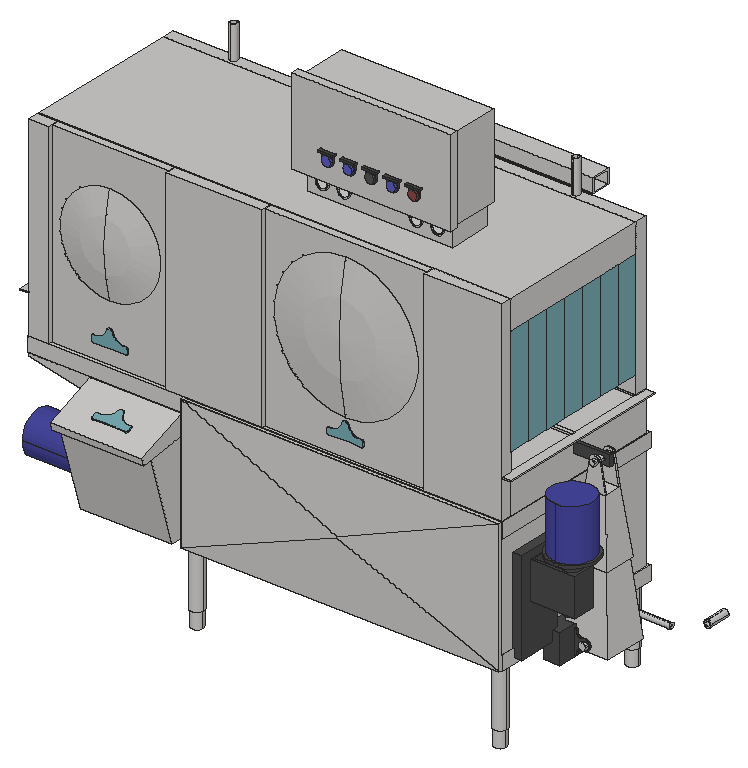
Revit family
Parameters (values of type "208/60/1")
  Width = 5' - 5 1/2"  # constant formula
  Weight in Pounds = 1050
  Watermarked By = "http://revitwatermark.com"
  Waste Water Discharge Temperature [instance] = -459.67 °F
  Volts = 208 V
  Ventilation Remarks [instance] = ""
  URL Cutsheet = ""
  URL = "www.stero.com"
  Total Height = 5' - 10 1/2"
  Table Height = 2' - 10"
  Swing Doors [instance] = no
  Steam Supply Volume [instance] = 0.00 GPM
  Steam Supply Size = 3/4"
  Steam Supply RI Height [instance] = 0' - 0"
  Steam Supply Minimum Pressure = 15.00 psi
  Steam Supply Maximum Pressure = 40.00 psi
  Steam Supply Connection Height = 0' - 10"
  Steam Pounds per Hour = 100
  Status [instance] = ""
  Standard Doors [instance] = not(Swing Doors)  # yes
  Specification by User [instance] = ""
  Specification by Manufacturer = ""
  Single Door Opening [instance] = if(Swing Doors, 1' 6", 1' 4 1/4")  # 1' - 4 1/4"
  Serial Number [instance] = ""
  Seismic Rating [instance] = ""
  SMACNA No [instance] = ""
  Right Ventilation Remarks [instance] = ""
  Right Vent [instance] = no
  Right Exhaust Volume [instance] = if(Right Vent, 400 CFM, 0 CFM)  # 0 CFM
  Right Exhaust Vent Width = 0' - 3 7/8"
  Right Exhaust Vent Text = "Vent, Unload End"  # constant formula
  Right Exhaust Vent Depth = 2' - 0 7/8"
  Right Exhaust Static Press = 0.00 in-wg
  Right Exhaust RI Height [instance] = 0' - 0"
  Right Exhaust Item Number [instance] = "-"
  Right Drain [instance] = not(Left Drain)  # yes
  Revision Code [instance] = ""
  Plumbing Remarks [instance] = ""
  Plumbing Connection Type [instance] = ""
  Phase = 1
  Number of Poles [instance] = 1
  NAFEM Spec ID Number [instance] = ""
  Model = "ER-66S"
  Mechanical Remarks [instance] = ""
  Mechanical Connection Type [instance] = ""
  Masterspec = ""
  Manufacturer = "Stero"
  Machine Height = 4' - 7 1/2"
  Left Vent [instance] = no
  Left Drain [instance] = no
  Item Number [instance] = "-"
  Installed By [instance] = ""
  Indirect Waste Size = 2"
  Indirect Waste Flow [instance] = 0.00 GPM
  Indirect Waste Connection Type [instance] = ""
  Indirect Waste Connection Height = 0' - 6"
  Hot Water Usage Rack = "0.5 Gal/Rack"  # constant formula
  Hot Water Usage = "118 GPH"  # constant formula
  Hot Water Temperature = 180 °F
  Hot Water Size = 3/4"
  Hot Water RI Height [instance] = 0' - 0"
  Hot Water Minimum Pressure = 20.00 psi
  Hot Water Maximum Pressure = 20.00 psi
  Hot Water Flow = 1.97 GPM
  Hot Water Consumption = 1.97 GPM
  Hot Water Connection Height = 5' - 0"
  HP = "3.58"  # constant formula
  Furnished By [instance] = ""
  Foodservice Equipment Identifier [instance] = yes
  FL Amps = 12.5 A
  Exhaust Volume [instance] = if(Left Vent, 200 CFM, 0 CFM)  # 0 CFM
  Exhaust Vent Width = 0' - 3 7/8"
  Exhaust Vent Text = "Vent, Load End"  # constant formula
  Exhaust Vent Depth = 2' - 0 7/8"
  Exhaust Static Press = 0.00 in-wg
  Exhaust RI Height [instance] = 0' - 0"
  Electrical Remarks [instance] = ""
  Electric Connection Type [instance] = ""
  Elec Conn RI Height [instance] = 0' - 0"
  Elec Conn Connection Height = 5' - 8 1/2"
  Double Door Opening [instance] = if(Swing Doors, 3' 0", 1' 10 1/2")  # 1' - 10 1/2"
  Description = "Dishwasher, Conveyor"
  Depth = 2' - 1"
  Cycle = 60 Hz
  Conn Conduit = yes
  Condensate Return Size = 1/2"
  Condensate Return RI Height [instance] = 0' - 0"
  Condensate Return Connection Height = 0' - 8"
  Cold Water Temperature Recommended [instance] = -459.67 °F
  Cold Water Size = 3/4"
  Cold Water RI Height [instance] = 0' - 0"
  Cold Water Minimum Pressure [instance] = 0.00 psi
  Cold Water Maximum Pressure [instance] = 0.00 psi
  Cold Water Flow [instance] = 0.00 GPM
  Cold Water Consumption [instance] = ""
  Cold Water Connection Height = 5' - 0"
  CSI MasterFormat = "11 48 13"
  Building Plumbing Remarks [instance] = ""
  Building Hot Water Temperature = 140 °F
  Building Hot Water Size = 3/4"
  Building Hot Water RI Height [instance] = 0' - 0"
  Building Hot Water Minimum Pressure = 20.00 psi
  Building Hot Water Maximum Pressure = 20.00 psi
  Building Hot Water Flow [instance] = 0.00 GPM
  Building Hot Water Consumption [instance] = 0.00 GPM
  Building Hot Water Connection Height = 5' - 0"
  Building HW Item Number [instance] = "-"
  Assembly Code = "E1090320"
  Apparent Power = if(Phase = 3, Volts * FL Amps * 1.73, Volts * FL Amps)  # 2600 VA
Reference planes (in)
  plane 1: z = 0
  plane 2 "Left of Bottom": x = 2.32772
  plane 3 "BACK": y = -48
  plane 4 "TOP": z = 70.5
  plane 5 "RIGHT": x = 46.32772
  plane 6 "FRONT": y = -73
  plane 7 "Right of Top": x = 46.07772
  plane 8 "Right of Ledge": x = 47.57772
  plane 9 "Right End Cowl": x = 56.07772
  plane 10: x = 49.14022
  plane 11 "Bottom of Machine": z = 10
  plane 12 "Table Height": z = 34
  plane 13 "Top of Machine": z = 55.5
  plane 14 "Panel Top": z = 28.5
  plane 15: z = 12
  plane 16: y = -73.5
  plane 17: y = -47.5
  plane 18: x = 2.07772
  plane 19 "Right of Bottom": x = 46.57772
  plane 20: y = -49.625
  plane 21: y = -71.375
  plane 22 "Door Center": x = 24.32772
  plane 23: x = 13.07772
  plane 24: x = 35.57772
  plane 25 "Top of Opening": z = 51.5
  plane 26: z = 2.25
  plane 27: x = 14.32772
  plane 28: x = 34.32772
  plane 29: x = 13.32772
  plane 30: x = 35.32772
  plane 31 "Front of Lower Panel": y = -66.5
  plane 32: y = -60.5
  plane 33: y = -67
  plane 34 "Back of Panel": y = -60
  plane 35 "Front of Upper Panel": y = -68
  plane 36: x = 13.82772
  plane 37: x = 34.82772
  plane 38: x = 55.95272
  plane 39: x = 53.01522
  plane 40: y = -48.0625
  plane 41: y = -72.9375
  plane 42 "Top of Vents": z = 59.5
  plane 43: x = 9.82772
  plane 44: x = 38.82772
  plane 45: y = -45
  plane 46: z = 57.5
  plane 47: y = -43
  plane 48: z = 84.5
  plane 49: x = -29.17228
  plane 50: x = -22.23478
  plane 51: x = -29.04728
  plane 52: x = -26.10978
  plane 53 "Left of Middle": x = -19.29728
  plane 54 "LEFT": x = -19.17228
  plane 55: x = -20.42228
  plane 56: x = -18.92228
  plane 57: x = -0.23478
  plane 58: x = -16.48478
  plane 59 "Left of Bin": x = -10.60978
  plane 60: x = -21.79728
  plane 61: z = 13.625
  plane 62: z = 8.5
  plane 63 "Drain": y = -50
  plane 64: y = -80
  plane 65: z = 8
  plane 66: x = 52.32772
  plane 67: x = 57.32772
  plane 68 "Condensate": y = -51
  plane 69: x = 13.32772
  plane 70: x = 35.32772
  plane 71: x = 25.76522
  plane 72: x = 24.39022
  plane 73: x = 24.26522
  plane 74: x = 22.89022
  plane 75: x = -16.23478
  plane 76: x = -0.35978
  plane 77 "Small Door Handle": x = -1.67228
Forms (in)
  Extrusion 1, solid, material "QF_Finishes_Stainless Steel"
    sketch origin (0, 0, 10) x (0, 1, 0) y (-1, 0, 0)
      loop
        line (-47.5, -2.07772) -> (-73, -2.07772) -> (-73, -46.57772) -> (-47.5, -46.57772) -> (-47.5, -2.07772)
    from 0 to 2
  Extrusion 2, solid, material "QF_Finishes_Stainless Steel"
    sketch origin (0, 0, 28.5) x (0, 1, 0) y (-1, 0, 0)
      loop
        line (-48, -2.32772) -> (-73, -2.32772) -> (-73, -46.32772) -> (-48, -46.32772) -> (-48, -2.32772)
    from 0 to -16.5
  Extrusion 3, solid, material "QF_Finishes_Stainless Steel"
    sketch origin (0, 0, 34) x (0, 1, 0) y (-1, 0, 0)
      loop
        line (-48, -46.32772) -> (-73, -46.32772) -> (-73, -47.57772) -> (-48, -47.57772) -> (-48, -46.32772)
    from 0 to -0.125
  Extrusion 4, solid, material "QF_Finishes_Stainless Steel"
    sketch origin (0, 0, 34) x (0, 1, 0) y (-1, 0, 0)
      loop
        line (-48, 19.17228) -> (-71.375, 19.17228) -> (-71.375, -46.32772) -> (-48, -46.32772) -> (-48, 19.17228)
    from -0.25 to -5.5
  Extrusion 5, solid, material "QF_Finishes_Stainless Steel"
    sketch origin (0, 0, 34) x (0, 1, 0) y (-1, 0, 0)
      loop
        line (-60.25, 19.17228) -> (-60.75, 19.17228) -> (-60.75, -46.32772) -> (-60.25, -46.32772) -> (-60.25, 19.17228)
      loop
        line (-48, 19.17228) -> (-49.625, 19.17228) -> (-49.625, -46.32772) -> (-48, -46.32772) -> (-48, 19.17228)
    from 0 to -0.25
  Extrusion 6, solid, material "QF_Finishes_Stainless Steel"
    sketch origin (0, 0, 55.5) x (0, 1, 0) y (-1, 0, 0)
      loop
        line (-49.625, 19.17228) -> (-71.375, 19.17228) -> (-71.375, -46.32772) -> (-49.625, -46.32772) -> (-49.625, 19.17228)
    from 0 to -4
  Extrusion 7, solid, material "QF_Finishes_Stainless Steel"
    sketch origin (0, 0, 55.5) x (0, 1, 0) y (-1, 0, 0)
      loop
        line (-48, 19.17228) -> (-49.625, 19.17228) -> (-49.625, -46.32772) -> (-48, -46.32772) -> (-48, 19.17228)
    from 0 to -21.5
  Extrusion 8, solid, material "QF_Finishes_Stainless Steel"
    sketch origin (0, -73, 0) x (-1, 0, 0) y (0, 0, 1)
      loop
        line (0.23478, 55.5) -> (-13.07772, 55.5) -> (-13.07772, 28.5) -> (0.23478, 28.5) -> (0.23478, 55.5)
    from 0 to 1.625
  Blend 9, solid, material "QF_Finishes_Stainless Steel"
    base sketch origin (-15.01335, -74, 48) x (-1, 0, 0) y (0, 0, 1)
      loop
        line (-17.34107, -19.5) -> (-61.34107, -19.5) -> (-61.34107, -38) -> (-17.34107, -38) -> (-17.34107, -19.5)
    top sketch origin (-15.01335, -74, 48) x (-1, 0, 0) y (0, 0, 1)
      loop
        line (-39.37232, -28.71875) -> (-39.37232, -28.78125) -> (-39.30982, -28.78125) -> (-39.30982, -28.71875) -> (-39.37232, -28.71875)
    from 0.5 to 0
  Extrusion 10, solid, material "QF_Finishes_Stainless Steel"
    sketch origin (0, 0, 10) x (0, 1, 0) y (-1, 0, 0)
      loop
        line (-73, -2.32772) -> (-73.5, -2.32772) -> (-73.5, -46.32772) -> (-73, -46.32772) -> (-73, -2.32772)
    from 0 to 18.5
  Extrusion 11, solid, material "QF_Finishes_Stainless Steel"
    sketch origin (0, -73, 0) x (-1, 0, 0) y (0, 0, 1)
      loop
        line (-35.57772, 55.5) -> (-46.32772, 55.5) -> (-46.32772, 28.5) -> (-35.57772, 28.5) -> (-35.57772, 55.5)
    from 0 to 1.625
  Extrusion 12, solid, material "QF_Finishes_Stainless Steel", visible <- "Standard Doors"
    sketch origin (0, 0, 55.5) x (0, 1, 0) y (-1, 0, 0)
      loop
        line (-71.375, -13.07772) -> (-72.5, -13.07772) -> (-72.5, -35.57772) -> (-71.375, -35.57772) -> (-71.375, -13.07772)
    from 0 to -27
  Revolve 13, solid, material "QF_Finishes_Stainless Steel", visible <- "Standard Doors"
    sketch origin (24.32772, 0, 0) x (0, 1, 0) y (0, 0, 1)
      loop
        line (-72.5, 43.5) -> (-72.5, 53.5)
        arc (-72.5, 53.5) -> (-73.26244, 48.52624) -> (-73.5, 43.5) r 48
        line (-73.5, 43.5) -> (-72.5, 43.5)
      axis (-72.5, 43.5) -> (-73.5, 43.5)
    angle from 0 to 360
  Extrusion 14, solid, material "QF_Finishes_Stainless Steel"
    sketch origin (0, 0, 0) x (1, 0, 0) y (0, 1, 0)
      loop
        circle (3.32772, -49) r 0.8125
    from 0 to 2.25
  Extrusion 15, solid, material "QF_Finishes_Stainless Steel"
    sketch origin (0, 0, 0) x (1, 0, 0) y (0, 1, 0)
      loop
        circle (3.32772, -49) r 0.9375
    from 2.25 to 10
  Extrusion 16, solid, material "QF_Finishes_Stainless Steel"
    sketch origin (48.65544, 0, 0) x (-1, 0, 0) y (0, -1, 0)
      loop
        circle (3.32772, 49) r 0.8125
    from 0 to 2.25
  Extrusion 17, solid, material "QF_Finishes_Stainless Steel"
    sketch origin (48.65544, 0, 0) x (-1, 0, 0) y (0, -1, 0)
      loop
        circle (3.32772, 49) r 0.9375
    from 2.25 to 10
  Extrusion 18, solid, material "QF_Finishes_Stainless Steel"
    sketch origin (0, -121, 0) x (1, 0, 0) y (0, 1, 0)
      loop
        circle (3.32772, 49) r 0.8125
    from 0 to 2.25
  Extrusion 19, solid, material "QF_Finishes_Stainless Steel"
    sketch origin (0, -121, 0) x (1, 0, 0) y (0, 1, 0)
      loop
        circle (3.32772, 49) r 0.9375
    from 2.25 to 10
  Extrusion 20, solid, material "QF_Finishes_Stainless Steel"
    sketch origin (48.65544, -121, 0) x (-1, 0, 0) y (0, -1, 0)
      loop
        circle (3.32772, -49) r 0.8125
    from 0 to 2.25
  Extrusion 21, solid, material "QF_Finishes_Stainless Steel"
    sketch origin (48.65544, -121, 0) x (-1, 0, 0) y (0, -1, 0)
      loop
        circle (3.32772, -49) r 0.9375
    from 2.25 to 10
  Extrusion 22, solid, material "QF_Finishes_Light Blue"
    sketch origin (0, 0, 51.5) x (0, 1, 0) y (-1, 0, 0)
      loop
        line (-49.625, -46.32772) -> (-49.625, -46.20272) -> (-52.625, -46.20272) -> (-52.625, -46.32772) -> (-49.625, -46.32772)
      loop
        line (-52.75, -46.32772) -> (-52.75, -46.20272) -> (-55.75, -46.20272) -> (-55.75, -46.32772) -> (-52.75, -46.32772)
      loop
        line (-55.875, -46.32772) -> (-55.875, -46.20272) -> (-58.875, -46.20272) -> (-58.875, -46.32772) -> (-55.875, -46.32772)
      loop
        line (-59, -46.32772) -> (-59, -46.20272) -> (-62, -46.20272) -> (-62, -46.32772) -> (-59, -46.32772)
      loop
        line (-62.125, -46.32772) -> (-62.125, -46.20272) -> (-65.125, -46.20272) -> (-65.125, -46.32772) -> (-62.125, -46.32772)
      loop
        line (-65.25, -46.32772) -> (-65.25, -46.20272) -> (-68.25, -46.20272) -> (-68.25, -46.32772) -> (-65.25, -46.32772)
      loop
        line (-68.375, -46.32772) -> (-68.375, -46.20272) -> (-71.375, -46.20272) -> (-71.375, -46.32772) -> (-68.375, -46.32772)
    from 0 to -15
  Extrusion 23, solid, material "QF_Finishes_Stainless Steel"
    sketch origin (0, 0, 55.5) x (0, 1, 0) y (-1, 0, 0)
      loop
        line (-60.5, -14.32772) -> (-66.5, -14.32772) -> (-66.5, -34.32772) -> (-60.5, -34.32772) -> (-60.5, -14.32772)
    from 0 to 3.5
  Extrusion 24, solid, material "QF_Finishes_Stainless Steel"
    sketch origin (0, 0, 55.5) x (0, 1, 0) y (-1, 0, 0)
      loop
        line (-60, -13.82772) -> (-67, -13.82772) -> (-67, -34.82772) -> (-60, -34.82772) -> (-60, -13.82772)
    from 3 to 14.5
  Extrusion 25, solid, material "QF_Finishes_Stainless Steel"
    sketch origin (0, 0, 55.5) x (0, 1, 0) y (-1, 0, 0)
      loop
        line (-67, -13.32772) -> (-68, -13.32772) -> (-68, -35.32772) -> (-67, -35.32772) -> (-67, -13.32772)
    from 3 to 15
  Extrusion 26, solid, material "QF_Finishes_Stainless Steel"
    sketch origin (0, -66.5, 0) x (-1, 0, 0) y (0, 0, 1)
      loop
        circle (-16.32772, 57.25) r 0.75
      loop
        circle (-16.32772, 57.25) r 0.875
    from 0 to -0.125
  Extrusion 27, solid, material "QF_Finishes_White"
    sketch origin (0, -66.5, 0) x (-1, 0, 0) y (0, 0, 1)
      loop
        circle (-16.32772, 57.25) r 0.75
    from 0 to -0.0625
  Extrusion 28, solid, material "QF_Finishes_Stainless Steel"
    sketch origin (48.65544, -66.5, 0) x (1, 0, 0) y (0, 0, -1)
      loop
        circle (-16.32772, -57.25) r 0.75
      loop
        circle (-16.32772, -57.25) r 0.875
    from 0 to -0.125
  Extrusion 29, solid, material "QF_Finishes_White"
    sketch origin (48.65544, -66.5, 0) x (1, 0, 0) y (0, 0, -1)
      loop
        circle (-16.32772, -57.25) r 0.75
    from 0 to -0.0625
  Extrusion 30, solid, material "QF_Finishes_Black"
    sketch origin (1.5, -68, 0) x (-1, 0, 0) y (0, 0, 1)
      loop
        line (-23.82772, 62.5) -> (-23.82772, 62.25) -> (-21.82772, 62.25) -> (-21.82772, 62.5) -> (-23.82772, 62.5)
      loop
        line (-20.82772, 62.5) -> (-20.82772, 62.25) -> (-18.82772, 62.25) -> (-18.82772, 62.5) -> (-20.82772, 62.5)
      loop
        line (-24.82772, 62.5) -> (-26.82772, 62.5) -> (-26.82772, 62.25) -> (-24.82772, 62.25) -> (-24.82772, 62.5)
      loop
        line (-27.82772, 62.5) -> (-29.82772, 62.5) -> (-29.82772, 62.25) -> (-27.82772, 62.25) -> (-27.82772, 62.5)
      loop
        line (-17.82772, 62.5) -> (-17.82772, 62.25) -> (-15.82772, 62.25) -> (-15.82772, 62.5) -> (-17.82772, 62.5)
    from 0 to -0.5
  Extrusion 31, solid, material "QF_Finishes_Navy Blue"
    sketch origin (1.5, -68, 0) x (-1, 0, 0) y (0, 0, 1)
      loop
        circle (-19.82772, 61.375) r 0.625
    from -0.125 to -0.375
  Extrusion 32, solid, material "QF_Finishes_LED Green"
    sketch origin (4.5, -68, 0) x (-1, 0, 0) y (0, 0, 1)
      loop
        circle (-19.82772, 61.375) r 0.625
    from -0.125 to -0.375
  Extrusion 33, solid, material "QF_Finishes_Navy Blue"
    sketch origin (7.5, -68, 0) x (-1, 0, 0) y (0, 0, 1)
      loop
        circle (-19.82772, 61.375) r 0.625
    from -0.125 to -0.375
  Extrusion 34, solid, material "QF_Finishes_LED Red"
    sketch origin (10.5, -68, 0) x (-1, 0, 0) y (0, 0, 1)
      loop
        circle (-19.82772, 61.375) r 0.625
    from -0.125 to -0.375
  Extrusion 35, solid, material "QF_Finishes_Black"
    sketch origin (1.5, -68, 0) x (-1, 0, 0) y (0, 0, 1)
      loop
        arc (-20.57772, 61.375) -> (-19.82772, 60.625) -> (-19.07772, 61.375) r 0.75
        line (-19.07772, 61.375) -> (-19.07772, 62.25) -> (-20.57772, 62.25) -> (-20.57772, 61.375)
      loop
        arc (-23.57772, 61.375) -> (-22.82772, 60.625) -> (-22.07772, 61.375) r 0.75
        line (-22.07772, 61.375) -> (-22.07772, 62.25) -> (-23.57772, 62.25) -> (-23.57772, 61.375)
      loop
        arc (-26.57772, 61.375) -> (-25.82772, 60.625) -> (-25.07772, 61.375) r 0.75
        line (-25.07772, 61.375) -> (-25.07772, 62.25) -> (-26.57772, 62.25) -> (-26.57772, 61.375)
      loop
        arc (-29.57772, 61.375) -> (-28.82772, 60.625) -> (-28.07772, 61.375) r 0.75
        line (-28.07772, 61.375) -> (-28.07772, 62.25) -> (-29.57772, 62.25) -> (-29.57772, 61.375)
      loop
        arc (-17.57772, 61.375) -> (-16.82772, 60.625) -> (-16.07772, 61.375) r 0.75
        line (-16.07772, 61.375) -> (-16.07772, 62.25) -> (-17.57772, 62.25) -> (-17.57772, 61.375)
    from 0 to -0.125
  Extrusion 36, solid, material "QF_Finishes_Light Blue", visible <- "Standard Doors"
    sketch origin (0, -73, 0) x (-1, 0, 0) y (0, 0, 1)
      loop
        line (-23.71645, 30.65632) -> (-22.08461, 30.57309)
        arc (-22.08461, 30.57309) -> (-21.90443, 30.64773) -> (-21.82979, 30.82792) r 0.25483
        line (-21.82979, 30.82792) -> (-21.82979, 31.31285)
        arc (-21.82979, 31.31285) -> (-21.90343, 31.49062) -> (-22.08121, 31.56426) r 0.25142
        arc (-22.08121, 31.56426) -> (-23.22593, 31.7803) -> (-23.90311, 32.72819) r 1.56264
        arc (-23.90311, 32.72819) -> (-24.31726, 33.06213) -> (-24.74741, 32.74907) r 0.43733
        arc (-24.74741, 32.74907) -> (-25.42049, 31.78611) -> (-26.57423, 31.56426) r 1.56264
        arc (-26.57423, 31.56426) -> (-26.75201, 31.49062) -> (-26.82565, 31.31285) r 0.25142
        line (-26.82565, 31.31285) -> (-26.82565, 30.82792)
        arc (-26.82565, 30.82792) -> (-26.75101, 30.64773) -> (-26.57082, 30.57309) r 0.25483
        line (-26.57082, 30.57309) -> (-24.93898, 30.65632)
        arc (-24.93898, 30.65632) -> (-24.32772, 30.6719) -> (-23.71645, 30.65632) r 12
    from 0.5 to 0.4375
  Extrusion 37, solid, material "QF_Finishes_Stainless Steel", visible <- "Right Vent"
    sketch origin (46.07772, 0, 0) x (0, -1, 0) y (0, 0, 1)
      loop
        line (73, 55.5) -> (48, 55.5) -> (48, 50.5625) -> (49.625, 48.9375) -> (49.625, 49.11428) -> (48.125, 50.61428) -> (48.125, 55.375) -> (72.875, 55.375) -> (72.875, 39.17678) -> (71.375, 37.67678) -> (71.375, 37.5) -> (73, 39.125) -> (73, 55.5)
    from 0 to -9.875
  Extrusion 38, solid, material "QF_Finishes_Stainless Steel", visible <- "Right Vent"
    sketch origin (56.07772, 0, 0) x (0, 1, 0) y (0, 0, 1)
      loop
        line (-71.375, 37.5) -> (-71.375, 51.5) -> (-49.625, 51.5) -> (-49.625, 48.9375) -> (-48, 50.5625) -> (-48, 55.5) -> (-73, 55.5) -> (-73, 39.125) -> (-71.375, 37.5)
    from 0 to -0.125
  Extrusion 39, solid, material "QF_Finishes_Stainless Steel", visible <- "Right Vent"
    sketch origin (48.65544, 0, 55.5) x (0, 1, 0) y (-1, 0, 0)
      loop
        line (-48.0625, -4.35978) -> (-48.0625, -0.48478) -> (-72.9375, -0.48478) -> (-72.9375, -4.35978) -> (-48.0625, -4.35978)
      loop
        line (-48.1875, -4.23478) -> (-48.1875, -0.60978) -> (-72.8125, -0.60978) -> (-72.8125, -4.23478) -> (-48.1875, -4.23478)
    from 0 to 4
  Extrusion 40, void
    sketch origin (0, 0, 55.5) x (0, 1, 0) y (-1, 0, 0)
      loop
        line (-48.1875, -49.26522) -> (-72.8125, -49.26522) -> (-72.8125, -52.89022) -> (-48.1875, -52.89022) -> (-48.1875, -49.26522)
    from 0 to -0.125
  Extrusion 41, solid, material "QF_Finishes_Black"
    sketch origin (0, -73, 0) x (-1, 0, 0) y (0, 0, 1)
      loop
        line (-46.57772, 12) -> (-46.32772, 12) -> (-46.32772, 23.9375) -> (-47.70272, 23.9375) -> (-47.70272, 10.9375) -> (-46.57772, 10.9375) -> (-46.57772, 12)
    from 1.8125 to 7.8125
  Extrusion 42, solid, material "QF_Finishes_Black"
    sketch origin (0, 0, 10) x (0, 1, 0) y (-1, 0, 0)
      loop
        line (-66.875, -52.32772) -> (-66.875, -47.95272) -> (-69.5, -47.95272) -> (-69.5, -52.32772)
        arc (-69.5, -52.32772) -> (-68.1875, -51.01522) -> (-66.875, -52.32772) r 1.3125
      loop
        line (-69.75, -53.95272) -> (-66.625, -53.95272) -> (-66.625, -47.70272) -> (-69.75, -47.70272) -> (-69.75, -53.95272)
    from 7.6875 to 12.9375
  Extrusion 43, solid, material "QF_Finishes_Black"
    sketch origin (0, 0, 10) x (0, 1, 0) y (-1, 0, 0)
      loop
        circle (-68.1875, -52.32772) r 1.0625
    from 7.1875 to 7.6875
  Extrusion 44, solid, material "QF_Finishes_Black"
    sketch origin (0, 0, 10) x (0, 1, 0) y (-1, 0, 0)
      loop
        circle (-68.1875, -52.32772) r 1.3125
    from 12.9375 to 13.4375
  Blend 45, solid, material "QF_Finishes_Black"
    base sketch origin (0, 0, 10) x (0, 1, 0) y (-1, 0, 0)
      loop
        circle (-68.1875, -52.32772) r 1.3125
    top sketch origin (0, 0, 10) x (0, 1, 0) y (-1, 0, 0)
      loop
        circle (-68.1875, -52.32772) r 2.0625
    from 13.4375 to 14.4375
  Extrusion 46, solid, material "QF_Finishes_Black"
    sketch origin (0, 0, 10) x (0, 1, 0) y (-1, 0, 0)
      loop
        circle (-68.1875, -52.32772) r 3.25
    from 14.4375 to 14.8125
  Extrusion 47, solid, material "QF_Finishes_Blue"
    sketch origin (0, 0, 10) x (0, 1, 0) y (-1, 0, 0)
      loop
        circle (-68.1875, -52.32772) r 2.875
    from 14.8125 to 21.9375
  Extrusion 48, solid, material "QF_Finishes_Black"
    sketch origin (0, -73, 0) x (-1, 0, 0) y (0, 0, 1)
      loop
        line (-46.32772, 33.1875) -> (-51.57772, 33.1875) -> (-51.57772, 31.6875) -> (-46.32772, 31.6875) -> (-46.32772, 33.1875)
      loop
        circle (-50.32772, 32.4375) r 0.375
    from 12.3125 to 12.6875
  Extrusion 49, solid, material "QF_Finishes_Black"
    sketch origin (0, -73, 0) x (-1, 0, 0) y (0, 0, 1)
      loop
        line (-46.32772, 12) -> (-46.32772, 12.4375) -> (-48.82772, 12.4375) -> (-48.82772, 8.4375) -> (-46.57772, 8.4375) -> (-46.57772, 12) -> (-46.32772, 12)
    from 7 to 18
  Extrusion 50, solid, material "QF_Finishes_Black"
    sketch origin (0, -73, 0) x (-1, 0, 0) y (0, 0, 1)
      loop
        line (-48.82772, 12.125) -> (-49.07772, 12.125)
        arc (-49.07772, 12.125) -> (-49.2545, 12.05178) -> (-49.32772, 11.875) r 0.25
        line (-49.32772, 11.875) -> (-49.32772, 11.5625)
        arc (-49.32772, 11.5625) -> (-49.43755, 11.29733) -> (-49.70272, 11.1875) r 0.375
        line (-49.70272, 11.1875) -> (-50.32772, 11.1875)
        arc (-50.32772, 11.1875) -> (-51.07772, 10.4375) -> (-50.32772, 9.6875) r 0.75
        line (-50.32772, 9.6875) -> (-49.70272, 9.6875)
        arc (-49.70272, 9.6875) -> (-49.43755, 9.57767) -> (-49.32772, 9.3125) r 0.375
        line (-49.32772, 9.3125) -> (-49.32772, 9)
        arc (-49.32772, 9) -> (-49.2545, 8.82322) -> (-49.07772, 8.75) r 0.25
        line (-49.07772, 8.75) -> (-48.82772, 8.75) -> (-48.82772, 12.125)
      loop
        circle (-50.32772, 10.4375) r 0.5
    from 9.375 to 9.5
  Extrusion 51, solid, material "QF_Finishes_Black"
    sketch origin (0, -66.875, 0) x (-1, 0, 0) y (0, 0, 1)
      loop
        line (-48.82772, 12.125) -> (-49.07772, 12.125)
        arc (-49.07772, 12.125) -> (-49.2545, 12.05178) -> (-49.32772, 11.875) r 0.25
        line (-49.32772, 11.875) -> (-49.32772, 11.5625)
        arc (-49.32772, 11.5625) -> (-49.43755, 11.29733) -> (-49.70272, 11.1875) r 0.375
        line (-49.70272, 11.1875) -> (-50.32772, 11.1875)
        arc (-50.32772, 11.1875) -> (-51.07772, 10.4375) -> (-50.32772, 9.6875) r 0.75
        line (-50.32772, 9.6875) -> (-49.70272, 9.6875)
        arc (-49.70272, 9.6875) -> (-49.43755, 9.57767) -> (-49.32772, 9.3125) r 0.375
        line (-49.32772, 9.3125) -> (-49.32772, 9)
        arc (-49.32772, 9) -> (-49.2545, 8.82322) -> (-49.07772, 8.75) r 0.25
        line (-49.07772, 8.75) -> (-48.82772, 8.75) -> (-48.82772, 12.125)
      loop
        circle (-50.32772, 10.4375) r 0.5
    from 9.375 to 9.5
  Extrusion 52, solid, material "QF_Finishes_Stainless Steel"
    sketch origin (0, -73, 0) x (-1, 0, 0) y (0, 0, 1)
      loop
        circle (-50.32772, 32.4375) r 0.375
      loop
        line (-51.06584, 32.57045) -> (-51.76522, 28.6875) -> (-48.89022, 28.6875) -> (-49.5896, 32.57045)
        arc (-49.5896, 32.57045) -> (-50.32772, 33.1875) -> (-51.06584, 32.57045) r 0.75
    from 11.25 to 11.375
  Extrusion 53, solid, material "QF_Finishes_Stainless Steel"
    sketch origin (0, -48, 0) x (-1, 0, 0) y (0, 0, -1)
      loop
        circle (-50.32772, -32.4375) r 0.375
      loop
        arc (-51.06584, -32.57045) -> (-50.32772, -33.1875) -> (-49.5896, -32.57045) r 0.75
        line (-49.5896, -32.57045) -> (-48.89022, -28.6875) -> (-51.76522, -28.6875) -> (-51.06584, -32.57045)
    from 11.25 to 11.375
  Extrusion 54, solid, material "QF_Finishes_Stainless Steel"
    sketch origin (0, -73, 0) x (-1, 0, 0) y (0, 0, 1)
      loop
        circle (-50.32772, 32.4375) r 0.375
    from 10.75 to 14.25
  Blend 55, solid, material "QF_Finishes_Stainless Steel"
    base sketch origin (0, 0, 34) x (0, 1, 0) y (-1, 0, 0)
      loop
        line (-58.25, -47.89022) -> (-62.75, -47.89022) -> (-62.75, -52.76522) -> (-58.25, -52.76522) -> (-58.25, -47.89022)
    top sketch origin (0, 0, 34) x (0, 1, 0) y (-1, 0, 0)
      loop
        line (-59.25, -48.89022) -> (-61.75, -48.89022) -> (-61.75, -51.76522) -> (-59.25, -51.76522) -> (-59.25, -48.89022)
    from -14.0625 to -5.3125
  Blend 56, solid, material "QF_Finishes_Stainless Steel"
    base sketch origin (0, 0, 25.25) x (0, 1, 0) y (-1, 0, 0)
      loop
        line (-57.5, -47.14022) -> (-63.5, -47.14022) -> (-63.5, -53.51522) -> (-57.5, -53.51522) -> (-57.5, -47.14022)
    top sketch origin (0, 0, 25.25) x (0, 1, 0) y (-1, 0, 0)
      loop
        line (-58.5, -48.14022) -> (-62.5, -48.14022) -> (-62.5, -52.51522) -> (-58.5, -52.51522) -> (-58.5, -48.14022)
    from -15.5625 to -5.3125
  Extrusion 57, solid, material "QF_Finishes_Stainless Steel"
    sketch origin (0, -73, -22) x (-1, 0, 0) y (0, 0, 1)
      loop
        circle (-50.32772, 32.4375) r 0.5
    from 9 to 16
  Extrusion 58, solid, material "QF_Finishes_Stainless Steel"
    sketch origin (0, 0, 55.5) x (0, 1, 0) y (-1, 0, 0)
      loop
        circle (-48.75, -37.32772) r 0.375
      loop
        circle (-48.75, -37.32772) r 0.5
    from 0 to 4.5
  Extrusion 59, solid, material "QF_Finishes_Stainless Steel"
    sketch origin (2.32772, 0, 0) x (0, 1, 0) y (0, 0, 1)
      loop
        line (-45, 57.5) -> (-47.75, 57.5) -> (-47.75, 55.5) -> (-45, 55.5) -> (-45, 57.5)
      loop
        line (-45.125, 57.375) -> (-47.625, 57.375) -> (-47.625, 55.625) -> (-45.125, 55.625) -> (-45.125, 57.375)
    from 7.5 to 36.5
  Extrusion 60, solid, material "QF_Finishes_Stainless Steel"
    sketch origin (2.32772, 0, 0) x (0, 1, 0) y (0, 0, 1)
      loop
        line (-47.75, 55.5) -> (-47.75, 55.625) -> (-48, 55.625) -> (-48, 55.5) -> (-47.75, 55.5)
    from 7.5 to 36.5
  Extrusion 61, solid, material "QF_Finishes_Stainless Steel"
    sketch origin (0, -60, 0) x (-1, 0, 0) y (0, 0, 1)
      loop
        circle (-34.32772, 68.5) r 0.25
    from 0 to 0.0625
  Extrusion 62, solid, material "QF_Finishes_Stainless Steel"
    sketch origin (0, -1, 10) x (0, 1, 0) y (-1, 0, 0)
      loop
        circle (-50, -18.32772) r 1
      loop
        circle (-50, -18.32772) r 1.125
    from 0 to -4
  Extrusion 63, solid, material "QF_Finishes_Clearance", detail levels coarse
    sketch origin (0, 0, 0) x (1, 0, 0) y (0, 1, 0)
      loop
        line (-20.67228, -47.5) -> (9.82772, -47.5) -> (9.82772, -45) -> (38.82772, -45) -> (38.82772, -47.5) -> (47.57772, -47.5) -> (47.57772, -43) -> (-20.67228, -43) -> (-20.67228, -47.5)
    from 0 to 70.5
  Extrusion 64, solid, material "QF_Finishes_Clearance", visible <- "Standard Doors", detail levels coarse
    sketch origin (0, -73, 0) x (-1, 0, 0) y (0, 0, 1)
      loop
        line (-13.07772, 84.5) -> (-35.57772, 84.5) -> (-35.57772, 55.5) -> (-13.07772, 55.5) -> (-13.07772, 84.5)
    from 0 to 1.625
  Extrusion 65, solid, material "QF_Finishes_Clearance", visible <- "Right Vent", detail levels coarse
    sketch origin (0, 0, 0) x (1, 0, 0) y (0, 1, 0)
      loop
        line (47.57772, -43) -> (47.57772, -47.5) -> (56.07772, -47.5) -> (56.07772, -43) -> (47.57772, -43)
    from 0 to 70.5
  Extrusion 66, solid, material "QF_Finishes_Stainless Steel"
    sketch origin (3, -66.5, 0) x (-1, 0, 0) y (0, 0, 1)
      loop
        circle (-16.32772, 57.25) r 0.75
      loop
        circle (-16.32772, 57.25) r 0.875
    from 0 to -0.125
  Extrusion 67, solid, material "QF_Finishes_White"
    sketch origin (3, -66.5, 0) x (-1, 0, 0) y (0, 0, 1)
      loop
        circle (-16.32772, 57.25) r 0.75
    from 0 to -0.0625
  Extrusion 68, solid, material "QF_Finishes_Stainless Steel"
    sketch origin (45.65544, -66.5, 0) x (1, 0, 0) y (0, 0, -1)
      loop
        circle (-16.32772, -57.25) r 0.75
      loop
        circle (-16.32772, -57.25) r 0.875
    from 0 to -0.125
  Extrusion 69, solid, material "QF_Finishes_White"
    sketch origin (45.65544, -66.5, 0) x (1, 0, 0) y (0, 0, -1)
      loop
        circle (-16.32772, -57.25) r 0.75
    from 0 to -0.0625
  Extrusion 70, solid, material "QF_Finishes_Stainless Steel", visible <- "Left Vent"
    sketch origin (-19.17228, 0, 0) x (0, 1, 0) y (0, 0, 1)
      loop
        line (-73, 55.5) -> (-73, 39.125) -> (-71.375, 37.5) -> (-71.375, 37.67678) -> (-72.875, 39.17678) -> (-72.875, 55.375) -> (-48.125, 55.375) -> (-48.125, 50.61428) -> (-49.625, 49.11428) -> (-49.625, 48.9375) -> (-48, 50.5625) -> (-48, 55.5) -> (-73, 55.5)
    from 0 to -9.875
  Extrusion 71, solid, material "QF_Finishes_Stainless Steel", visible <- "Left Vent"
    sketch origin (-29.17228, 0, 0) x (0, 1, 0) y (0, 0, 1)
      loop
        line (-71.375, 37.5) -> (-71.375, 51.5) -> (-49.625, 51.5) -> (-49.625, 48.9375) -> (-48, 50.5625) -> (-48, 55.5) -> (-73, 55.5) -> (-73, 39.125) -> (-71.375, 37.5)
    from 0 to 0.125
  Extrusion 72, solid, material "QF_Finishes_Stainless Steel", visible <- "Left Vent"
    sketch origin (-21.75, 0, 55.5) x (0, 1, 0) y (-1, 0, 0)
      loop
        line (-48.0625, 4.35978) -> (-72.9375, 4.35978) -> (-72.9375, 0.48478) -> (-48.0625, 0.48478) -> (-48.0625, 4.35978)
      loop
        line (-48.1875, 4.23478) -> (-72.8125, 4.23478) -> (-72.8125, 0.60978) -> (-48.1875, 0.60978) -> (-48.1875, 4.23478)
    from 0 to 4
  Extrusion 73, solid, material "QF_Finishes_Clearance", visible <- "Left Vent", detail levels coarse
    sketch origin (-21.75, 0, 0) x (1, 0, 0) y (0, 1, 0)
      loop
        line (-7.42228, -43) -> (-7.42228, -47.5) -> (1.07772, -47.5) -> (1.07772, -43) -> (-7.42228, -43)
    from 0 to 70.5
  Extrusion 74, solid, material "QF_Finishes_Stainless Steel"
    sketch origin (-21.5, 0, 34) x (0, 1, 0) y (-1, 0, 0)
      loop
        line (-48, -2.32772) -> (-48, -1.07772) -> (-73, -1.07772) -> (-73, -2.32772) -> (-48, -2.32772)
    from 0 to -0.125
  Extrusion 75, solid, material "QF_Finishes_Stainless Steel"
    sketch origin (0, 0, 26.5) x (0, 1, 0) y (-1, 0, 0)
      loop
        line (-47.5, 19.29728) -> (-73, 19.29728) -> (-73, -46.57772) -> (-47.5, -46.57772) -> (-47.5, 19.29728)
    from 0 to 2
  Extrusion 76, solid, material "QF_Finishes_Light Blue"
    sketch origin (27.15544, 0, 51.5) x (0, 1, 0) y (-1, 0, 0)
      loop
        line (-49.625, 46.32772) -> (-52.625, 46.32772) -> (-52.625, 46.20272) -> (-49.625, 46.20272) -> (-49.625, 46.32772)
      loop
        line (-52.75, 46.32772) -> (-55.75, 46.32772) -> (-55.75, 46.20272) -> (-52.75, 46.20272) -> (-52.75, 46.32772)
      loop
        line (-55.875, 46.32772) -> (-58.875, 46.32772) -> (-58.875, 46.20272) -> (-55.875, 46.20272) -> (-55.875, 46.32772)
      loop
        line (-59, 46.32772) -> (-62, 46.32772) -> (-62, 46.20272) -> (-59, 46.20272) -> (-59, 46.32772)
      loop
        line (-62.125, 46.32772) -> (-65.125, 46.32772) -> (-65.125, 46.20272) -> (-62.125, 46.20272) -> (-62.125, 46.32772)
      loop
        line (-65.25, 46.32772) -> (-68.25, 46.32772) -> (-68.25, 46.20272) -> (-65.25, 46.20272) -> (-65.25, 46.32772)
      loop
        line (-68.375, 46.32772) -> (-71.375, 46.32772) -> (-71.375, 46.20272) -> (-68.375, 46.20272) -> (-68.375, 46.32772)
    from 0 to -15
  Extrusion 77, solid, material "QF_Finishes_Stainless Steel"
    sketch origin (-18.9375, -73, 0) x (-1, 0, 0) y (0, 0, 1)
      loop
        line (0.23478, 55.5) -> (-2.45272, 55.5) -> (-2.45272, 28.5) -> (0.23478, 28.5) -> (0.23478, 55.5)
    from 0 to 1.625
  Extrusion 78, solid, material "QF_Finishes_Stainless Steel", visible <- "Standard Doors"
    sketch origin (-32.6875, 0, 55.5) x (0, 1, 0) y (-1, 0, 0)
      loop
        line (-71.375, -16.20272) -> (-72.5, -16.20272) -> (-72.5, -32.45272) -> (-71.375, -32.45272) -> (-71.375, -16.20272)
    from 0 to -27
  Revolve 79, solid, material "QF_Finishes_Stainless Steel", visible <- "Standard Doors"
    sketch origin (-8.35978, 0, 0) x (0, 1, 0) y (0, 0, 1)
      loop
        line (-72.5, 43.5) -> (-72.5, 50.5)
        arc (-72.5, 50.5) -> (-73.23908, 47.03415) -> (-73.5, 43.5) r 26
        line (-73.5, 43.5) -> (-72.5, 43.5)
      axis (-72.5, 43.5) -> (-73.5, 43.5)
    angle from 0 to 360
  Extrusion 80, solid, material "QF_Finishes_Light Blue", visible <- "Standard Doors"
    sketch origin (-32.6875, -73, 0) x (-1, 0, 0) y (0, 0, 1)
      loop
        line (-23.71645, 30.65632) -> (-22.08461, 30.57309)
        arc (-22.08461, 30.57309) -> (-21.90443, 30.64773) -> (-21.82979, 30.82792) r 0.25483
        line (-21.82979, 30.82792) -> (-21.82979, 31.31285)
        arc (-21.82979, 31.31285) -> (-21.90343, 31.49062) -> (-22.08121, 31.56426) r 0.25142
        arc (-22.08121, 31.56426) -> (-23.22593, 31.7803) -> (-23.90311, 32.72819) r 1.56264
        arc (-23.90311, 32.72819) -> (-24.31726, 33.06213) -> (-24.74741, 32.74907) r 0.43733
        arc (-24.74741, 32.74907) -> (-25.42049, 31.78611) -> (-26.57423, 31.56426) r 1.56264
        arc (-26.57423, 31.56426) -> (-26.75201, 31.49062) -> (-26.82565, 31.31285) r 0.25142
        line (-26.82565, 31.31285) -> (-26.82565, 30.82792)
        arc (-26.82565, 30.82792) -> (-26.75101, 30.64773) -> (-26.57082, 30.57309) r 0.25483
        line (-26.57082, 30.57309) -> (-24.93898, 30.65632)
        arc (-24.93898, 30.65632) -> (-24.32772, 30.6719) -> (-23.71645, 30.65632) r 12
    from 0.5 to 0.4375
  Extrusion 81, solid, material "QF_Finishes_Clearance", visible <- "Standard Doors", detail levels coarse
    sketch origin (-32.6875, -73, 0) x (-1, 0, 0) y (0, 0, 1)
      loop
        line (-16.20272, 84.5) -> (-32.45272, 84.5) -> (-32.45272, 55.5) -> (-16.20272, 55.5) -> (-16.20272, 84.5)
    from 0.5 to 1.625
  Extrusion 82, solid, material "QF_Finishes_Stainless Steel"
    sketch origin (0, -73, 0) x (-1, 0, 0) y (0, 0, 1)
      loop
        line (10.60978, 26.5) -> (-2.07772, 26.5) -> (-2.07772, 10.9375) -> (10.60978, 10.9375) -> (10.60978, 26.5)
    from 0 to 25
  Extrusion 83, solid, material "QF_Finishes_Stainless Steel"
    sketch origin (-10.60978, 0, 0) x (0, 1, 0) y (0, 0, 1)
      loop
        line (-73, 10.9375) -> (-73, 23.75) -> (-78.50369, 23.01085) -> (-74.8125, 10.9375) -> (-73, 10.9375)
    from 0 to 12.6875
  Extrusion 84, solid, material "QF_Finishes_Stainless Steel"
    sketch origin (-10.60978, 0, 0) x (0, 1, 0) y (0, 0, 1)
      loop
        line (-73, 23.75) -> (-73, 26.4375) -> (-80, 23.88971) -> (-79.75188, 22.84321) -> (-73, 23.75)
    from 0 to 12.6875
  Extrusion 85, solid, material "QF_Finishes_Light Blue"
    sketch origin (-28.59375, -106.64897, 14.72237) x (-1, 0, 0) y (0, 0.939693, 0.34202)
      loop
        line (-23.71645, 30.65632) -> (-22.08461, 30.57309)
        arc (-22.08461, 30.57309) -> (-21.90443, 30.64773) -> (-21.82979, 30.82792) r 0.25483
        line (-21.82979, 30.82792) -> (-21.82979, 31.31285)
        arc (-21.82979, 31.31285) -> (-21.90343, 31.49062) -> (-22.08121, 31.56426) r 0.25142
        arc (-22.08121, 31.56426) -> (-23.22593, 31.7803) -> (-23.90311, 32.72819) r 1.56264
        arc (-23.90311, 32.72819) -> (-24.31726, 33.06213) -> (-24.74741, 32.74907) r 0.43733
        arc (-24.74741, 32.74907) -> (-25.42049, 31.78611) -> (-26.57423, 31.56426) r 1.56264
        arc (-26.57423, 31.56426) -> (-26.75201, 31.49062) -> (-26.82565, 31.31285) r 0.25142
        line (-26.82565, 31.31285) -> (-26.82565, 30.82792)
        arc (-26.82565, 30.82792) -> (-26.75101, 30.64773) -> (-26.57082, 30.57309) r 0.25483
        line (-26.57082, 30.57309) -> (-24.93898, 30.65632)
        arc (-24.93898, 30.65632) -> (-24.32772, 30.6719) -> (-23.71645, 30.65632) r 12
    from 0.5 to 0.4375
  Extrusion 86, solid, material "QF_Finishes_Black"
    sketch origin (-10.60978, 0, 0) x (0, 1, 0) y (0, 0, 1)
      loop
        circle (-68, 13.625) r 3.75
    from 0 to -0.375
  Extrusion 87, solid, material "QF_Finishes_Blue"
    sketch origin (-10.60978, 0, 0) x (0, 1, 0) y (0, 0, 1)
      loop
        circle (-68, 13.625) r 2.875
    from -0.375 to -11.1875
  Extrusion 88, solid, material "QF_Finishes_Navy Blue"
    sketch origin (-1.5, -68, 0) x (-1, 0, 0) y (0, 0, 1)
      loop
        circle (-19.82772, 61.375) r 0.625
    from -0.125 to -0.375
  Extrusion 89, solid, material "QF_Finishes_Stainless Steel"
    sketch origin (0, -73, 0) x (-1, 0, 0) y (0, 0, 1)
      loop
        line (19.17228, 26.5) -> (10.60978, 26.5) -> (10.60978, 24.25) -> (19.17228, 26.125) -> (19.17228, 26.5)
    from 0 to 25
  Extrusion 90, solid, material "QF_Finishes_Stainless Steel"
    sketch origin (-30, 0, 55.5) x (0, 1, 0) y (-1, 0, 0)
      loop
        circle (-48.75, -38.82772) r 0.375
      loop
        circle (-48.75, -38.82772) r 0.5
    from 0 to 4.5
  Extrusion 91, solid, material "QF_Finishes_Stainless Steel"
    sketch origin (-50.5, 0, 55.5) x (0, 1, 0) y (-1, 0, 0)
      loop
        circle (-48.75, -40.32772) r 0.375
      loop
        circle (-48.75, -40.32772) r 0.5
    from 0 to 4.5
  Sweep 92, solid, material "QF_Finishes_Stainless Steel"
    path origin (0, -50, 0) x (-1, 0, 0) y (0, 0, 1)
      loop
        line (-18.32772, 8.5) -> (5.60978, 8.5)
        arc (5.60978, 8.5) -> (7.024, 9.08579) -> (7.60978, 10.5) r 2
        line (7.60978, 10.5) -> (7.60978, 10.9375)
    profile origin (6.35897, -50, 8.5) x (0, 0, 1) y (0, 1, 0)
      loop
        circle (0, -1) r 1
      loop
        circle (0, -1) r 1.125
  Extrusion 93, solid, material "QF_Finishes_Stainless Steel"
    sketch origin (-20.3125, -1, 10) x (0, 1, 0) y (-1, 0, 0)
      loop
        circle (-50, -18.32772) r 1
      loop
        circle (-50, -18.32772) r 1.125
    from -1.5 to -4
  Extrusion 94, solid, material "QF_Finishes_Stainless Steel", visible <- "Right Drain"
    sketch origin (0, -1, 0) x (1, 0, 0) y (0, 1, 0)
      loop
        circle (-1.98478, -50) r 1
    from 6 to 6.25
  Extrusion 95, solid, material "QF_Finishes_Stainless Steel", visible <- "Left Drain"
    sketch origin (0, -1, 0) x (1, 0, 0) y (0, 1, 0)
      loop
        circle (18.32772, -50) r 1
    from 6 to 6.25
  Extrusion 96, void
    sketch origin (0, 0, 55.5) x (0, 1, 0) y (-1, 0, 0)
      loop
        line (-48.1875, 25.98478) -> (-72.8125, 25.98478) -> (-72.8125, 22.35978) -> (-48.1875, 22.35978) -> (-48.1875, 25.98478)
    from 0 to -0.125
  Sweep 97, solid, material "QF_Finishes_Stainless Steel"
    path origin (0, -51, 0) x (-1, 0, 0) y (0, 0, 1)
      loop
        line (-52.32772, 8) -> (-46.32772, 8)
        arc (-46.32772, 8) -> (-45.62061, 8.29289) -> (-45.32772, 9) r 1
        line (-45.32772, 9) -> (-45.32772, 10)
    profile origin (49.32772, -51, 8) x (0, 0, 1) y (0, 1, 0)
      loop
        circle (0, 0) r 0.25
      loop
        circle (0, 0) r 0.375
  Extrusion 98, solid, material "QF_Finishes_Stainless Steel"
    sketch origin (0, -48, 0) x (1, 0, 0) y (0, 0, 1)
      loop
        circle (57.32772, 10) r 0.375
      loop
        circle (57.32772, 10) r 0.5
    from 0 to 3
  Extrusion 99, solid, material "QF_Finishes_Stainless Steel", visible <- "Swing Doors"
    sketch origin (0, 0, 55.5) x (0, 1, 0) y (-1, 0, 0)
      loop
        line (-71.375, 16.23478) -> (-73, 16.23478) -> (-73, 0.35978) -> (-71.375, 0.35978) -> (-71.375, 16.23478)
    from 0 to -27
  Extrusion 100, solid, material "QF_Finishes_Stainless Steel", visible <- "Swing Doors"
    sketch origin (0, 0, 55.5) x (0, 1, 0) y (-1, 0, 0)
      loop
        line (-71.375, -13.32772) -> (-73, -13.32772) -> (-73, -24.26522) -> (-71.375, -24.26522) -> (-71.375, -13.32772)
    from 0 to -27
  Extrusion 101, solid, material "QF_Finishes_Stainless Steel", visible <- "Swing Doors"
    sketch origin (0, 0, 55.5) x (0, 1, 0) y (-1, 0, 0)
      loop
        line (-71.375, -24.39022) -> (-73, -24.39022) -> (-73, -35.32772) -> (-71.375, -35.32772) -> (-71.375, -24.39022)
    from 0 to -27
  Extrusion 102, solid, material "QF_Finishes_Stainless Steel", visible <- "Swing Doors"
    sketch origin (-29.55008, 0, 52.4375) x (0, 1, 0) y (-1, 0, 0)
      loop
        circle (-73.25, -13.07772) r 0.25
    from 0 to -3
  Extrusion 103, solid, material "QF_Finishes_Stainless Steel", visible <- "Swing Doors"
    sketch origin (-29.55008, 0, 35.8125) x (0, 1, 0) y (-1, 0, 0)
      loop
        circle (-73.25, -13.07772) r 0.25
    from 0 to -3
  Sweep 104, solid, material "QF_Finishes_Stainless Steel", visible <- "Swing Doors"
    path origin (-1.67228, 0, 0) x (0, 1, 0) y (0, 0, 1)
      loop
        line (-73, 47.0625) -> (-73.625, 47.0625)
        arc (-73.625, 47.0625) -> (-73.97855, 46.91605) -> (-74.125, 46.5625) r 0.5
        line (-74.125, 46.5625) -> (-74.125, 38.3125)
        arc (-74.125, 38.3125) -> (-73.97855, 37.95895) -> (-73.625, 37.8125) r 0.5
        line (-73.625, 37.8125) -> (-73, 37.8125)
    profile origin (-1.67228, -73.3125, 47.0625) x (0, 0, -1) y (1, 0, 0)
      loop
        circle (0, 0) r 0.375
  Extrusion 105, solid, material "QF_Finishes_Stainless Steel", visible <- "Swing Doors"
    sketch origin (-4.98758, 0, 52.4375) x (0, 1, 0) y (-1, 0, 0)
      loop
        circle (-73.25, -18.07772) r 0.25
    from 0 to -3
  Extrusion 106, solid, material "QF_Finishes_Stainless Steel", visible <- "Swing Doors"
    sketch origin (-4.98758, 0, 35.8125) x (0, 1, 0) y (-1, 0, 0)
      loop
        circle (-73.25, -18.07772) r 0.25
    from 0 to -3
  Extrusion 107, solid, material "QF_Finishes_Stainless Steel", visible <- "Swing Doors"
    sketch origin (27.51242, 0, 52.4375) x (0, 1, 0) y (-1, 0, 0)
      loop
        circle (-73.25, -8.07772) r 0.25
    from 0 to -3
  Extrusion 108, solid, material "QF_Finishes_Stainless Steel", visible <- "Swing Doors"
    sketch origin (27.51242, 0, 35.8125) x (0, 1, 0) y (-1, 0, 0)
      loop
        circle (-73.25, -8.07772) r 0.25
    from 0 to -3
  Sweep 109, solid, material "QF_Finishes_Stainless Steel", visible <- "Swing Doors"
    path origin (22.90264, 0, 0) x (0, 1, 0) y (0, 0, 1)
      loop
        line (-73, 47.0625) -> (-73.625, 47.0625)
        arc (-73.625, 47.0625) -> (-73.97855, 46.91605) -> (-74.125, 46.5625) r 0.5
        line (-74.125, 46.5625) -> (-74.125, 38.3125)
        arc (-74.125, 38.3125) -> (-73.97855, 37.95895) -> (-73.625, 37.8125) r 0.5
        line (-73.625, 37.8125) -> (-73, 37.8125)
    profile origin (22.90264, -73.3125, 47.0625) x (0, 0, -1) y (1, 0, 0)
      loop
        circle (0, 0) r 0.375
  Sweep 110, solid, material "QF_Finishes_Stainless Steel", visible <- "Swing Doors"
    path origin (25.77764, 0, 0) x (0, 1, 0) y (0, 0, 1)
      loop
        line (-73, 47.0625) -> (-73.625, 47.0625)
        arc (-73.625, 47.0625) -> (-73.97855, 46.91605) -> (-74.125, 46.5625) r 0.5
        line (-74.125, 46.5625) -> (-74.125, 38.3125)
        arc (-74.125, 38.3125) -> (-73.97855, 37.95895) -> (-73.625, 37.8125) r 0.5
        line (-73.625, 37.8125) -> (-73, 37.8125)
    profile origin (25.77764, -73.3125, 47.0625) x (0, 0, -1) y (1, 0, 0)
      loop
        circle (0, 0) r 0.375
  Extrusion 111, solid, material "QF_Finishes_Stainless Steel", not visible
    sketch origin (-10.60978, 0, 0) x (0, 1, 0) y (0, 0, 1)
      loop
        line (-73, 10.9375) -> (-73, 23.75) -> (-78.50369, 23.01085) -> (-74.8125, 10.9375) -> (-73, 10.9375)
    from 0 to 12.6875
  Extrusion 112, solid, material "QF_Finishes_Stainless Steel", not visible
    sketch origin (-10.60978, 0, 0) x (0, 1, 0) y (0, 0, 1)
      loop
        line (-73, 23.75) -> (-73, 26.4375) -> (-80, 23.88971) -> (-79.75188, 22.84321) -> (-73, 23.75)
    from 0 to 12.6875
  Extrusion 113, solid, material "QF_Finishes_Light Blue", not visible
    sketch origin (-28.59375, -106.64897, 14.72237) x (-1, 0, 0) y (0, 0.939693, 0.34202)
      loop
        line (-23.71645, 30.65632) -> (-22.08461, 30.57309)
        arc (-22.08461, 30.57309) -> (-21.90443, 30.64773) -> (-21.82979, 30.82792) r 0.25483
        line (-21.82979, 30.82792) -> (-21.82979, 31.31285)
        arc (-21.82979, 31.31285) -> (-21.90343, 31.49062) -> (-22.08121, 31.56426) r 0.25142
        arc (-22.08121, 31.56426) -> (-23.22593, 31.7803) -> (-23.90311, 32.72819) r 1.56264
        arc (-23.90311, 32.72819) -> (-24.31726, 33.06213) -> (-24.74741, 32.74907) r 0.43733
        arc (-24.74741, 32.74907) -> (-25.42049, 31.78611) -> (-26.57423, 31.56426) r 1.56264
        arc (-26.57423, 31.56426) -> (-26.75201, 31.49062) -> (-26.82565, 31.31285) r 0.25142
        line (-26.82565, 31.31285) -> (-26.82565, 30.82792)
        arc (-26.82565, 30.82792) -> (-26.75101, 30.64773) -> (-26.57082, 30.57309) r 0.25483
        line (-26.57082, 30.57309) -> (-24.93898, 30.65632)
        arc (-24.93898, 30.65632) -> (-24.32772, 30.6719) -> (-23.71645, 30.65632) r 12
    from 0.5 to 0.4375
Cuts and joins
  Extrusion 40 cuts Extrusion 37
  Extrusion 40 cuts Extrusion 39
  Extrusion 96 cuts Extrusion 70
  Extrusion 96 cuts Extrusion 72
Lines and regions (in)
  symbolic lines
    curve 1: line (-20.42228, -48, 10) -> (47.57772, -48, 10)
    curve 2: line (47.57772, -73, 10) -> (-20.42228, -73, 10)
    curve 3: line (46.32772, -48, 10) -> (46.32772, -73, 10)
    curve 7: line (9.82772, -48, 10) -> (9.82772, -45, 10)
    curve 8: line (9.82772, -45, 10) -> (38.82772, -45, 10)
    curve 9: line (38.82772, -45, 10) -> (38.82772, -48, 10)
    curve 10: line (47.57772, -48, 10) -> (47.57772, -73, 10)
    curve 11: line (13.82772, -60, 10) -> (34.82772, -60, 10)
    curve 12: line (13.82772, -67, 10) -> (13.82772, -60, 10)
    curve 13: line (34.82772, -67, 10) -> (13.82772, -67, 10)
    curve 14: line (34.82772, -60, 10) -> (34.82772, -67, 10)
    curve 15: line (34.82772, -67, 10) -> (35.32772, -67, 10)
    curve 16: line (35.32772, -67, 10) -> (35.32772, -68, 10)
    curve 17: line (35.32772, -68, 10) -> (13.32772, -68, 10)
    curve 18: line (13.32772, -68, 10) -> (13.32772, -67, 10)
    curve 19: line (13.32772, -67, 10) -> (13.82772, -67, 10)
    curve 36: line (-19.17228, -48, 0) -> (-19.17228, -73, 0)
    curve 37: line (-16.48478, -73, 0) -> (-16.48478, -71.375, 0)
    curve 38: line (-16.48478, -71.375, 0) -> (-0.23478, -71.375, 0)
    curve 39: line (-0.23478, -71.375, 0) -> (-0.23478, -73, 0)
    curve 41: line (-10.60978, -73, 0) -> (-10.60978, -80, 0)
    curve 42: line (-10.60978, -80, 0) -> (2.07772, -80, 0)
    curve 43: line (2.07772, -80, 0) -> (2.07772, -73, 0)
    curve 44: line (13.07772, -73, 0) -> (13.07772, -71.375, 0)
    curve 45: line (13.07772, -71.375, 0) -> (35.57772, -71.375, 0)
    curve 46: line (35.57772, -71.375, 0) -> (35.57772, -73, 0)
    curve 48: line (-20.42228, -48, 55.5) -> (-20.42228, -73, 55.5)
  symbolic lines, visible <- "Right Vent"
    curve 4: line (46.32772, -48, 10) -> (56.07772, -48, 10)
    curve 5: line (56.07772, -48, 10) -> (56.07772, -73, 10)
    curve 6: line (56.07772, -73, 10) -> (46.32772, -73, 10)
    curve 20: line (49.14022, -48.0625, 10) -> (53.01522, -48.0625, 10)
    curve 21: line (49.14022, -72.9375, 10) -> (49.14022, -48.0625, 10)
    curve 22: line (53.01522, -72.9375, 10) -> (49.14022, -72.9375, 10)
    curve 23: line (53.01522, -48.0625, 10) -> (53.01522, -72.9375, 10)
  symbolic lines, style "QF_Clearances", detail levels coarse
    curve 24: line (-20.67228, -43, 0) -> (47.57772, -43, 0)
  symbolic lines, style "QF_Clearances", visible <- "Right Vent", detail levels coarse
    curve 25: line (47.57772, -43, 0) -> (56.07772, -43, 0)
    curve 26: line (56.07772, -43, 0) -> (56.07772, -47.5, 0)
  symbolic lines, visible <- "Left Vent"
    curve 27: line (-29.17228, -48, 10) -> (-29.17228, -73, 10)
    curve 28: line (-26.10978, -48.0625, 10) -> (-22.23478, -48.0625, 10)
    curve 29: line (-26.10978, -72.9375, 10) -> (-26.10978, -48.0625, 10)
    curve 30: line (-22.23478, -72.9375, 10) -> (-26.10978, -72.9375, 10)
    curve 31: line (-22.23478, -48.0625, 10) -> (-22.23478, -72.9375, 10)
    curve 34: line (-19.17228, -48, 10) -> (-29.17228, -48, 10)
    curve 35: line (-29.17228, -73, 10) -> (-19.17228, -73, 10)
  symbolic lines, style "QF_Clearances", visible <- "Left Vent", detail levels coarse
    curve 32: line (-29.17228, -47.5, 0) -> (-29.17228, -43, 0)
    curve 33: line (-29.17228, -43, 0) -> (-20.67228, -43, 0)
  symbolic lines, visible <- "Standard Doors"
    curve 40: line (-0.23478, -72.5, 0) -> (-16.48478, -72.5, 0)
    curve 47: line (13.07772, -72.5, 0) -> (35.57772, -72.5, 0)
  symbolic lines, visible <- "Swing Doors"
    curve 49: line (-2.03486, -73, 52.4375) -> (-2.03486, -74.125, 52.4375)
    curve 50: line (-1.28486, -73, 52.4375) -> (-1.28486, -74.125, 52.4375)
    curve 51: arc (-2.03486, -74.125, 52.4375) -> (-1.65986, -74.5, 52.4375) -> (-1.28486, -74.125, 52.4375) r 0.375
    curve 52: line (22.52764, -73, 52.4375) -> (22.52764, -74.125, 52.4375)
    curve 53: line (23.27764, -73, 52.4375) -> (23.27764, -74.125, 52.4375)
    curve 54: arc (22.52764, -74.125, 52.4375) -> (22.90264, -74.5, 52.4375) -> (23.27764, -74.125, 52.4375) r 0.375
    curve 55: line (25.40264, -73, 52.4375) -> (25.40264, -74.125, 52.4375)
    curve 56: line (26.15264, -73, 52.4375) -> (26.15264, -74.125, 52.4375)
    curve 57: arc (25.40264, -74.125, 52.4375) -> (25.77764, -74.5, 52.4375) -> (26.15264, -74.125, 52.4375) r 0.375
    curve 58: line (24.39022, -71.375, 55.5) -> (24.39022, -73, 55.5)
    curve 59: line (24.26522, -71.375, 55.5) -> (24.26522, -73, 55.5)
  symbolic lines, style "QF_Clearances", visible <- "Swing Doors", detail levels coarse
    curve 60: line (-16.48478, -73, 55.5) -> (-16.48478, -89.25, 55.5)
    curve 61: line (13.07772, -73, 55.5) -> (13.07772, -84.1875, 55.5)
    curve 62: arc (-16.48478, -89.25, 55.5) -> (-4.9943, -84.49049, 55.5) -> (-0.23478, -73, 55.5) r 16.25
    curve 63: arc (13.07772, -84.1875, 55.5) -> (20.98848, -80.91076, 55.5) -> (24.26522, -73, 55.5) r 11.1875
    curve 64: line (35.57772, -73, 55.5) -> (35.57772, -84.1875, 55.5)
    curve 65: arc (35.57772, -84.1875, 55.5) -> (27.66696, -80.91076, 55.5) -> (24.39022, -73, 55.5) r 11.1875
  symbolic lines, style "QF_Surface Details"
    curve 66: line (-5.52382, -56.77893, 52.4375) -> (23.47618, -56.77893, 52.4375)
    curve 67: line (23.47618, -56.77893, 52.4375) -> (18.97618, -54.28454, 52.4375)
    curve 68: line (23.47618, -56.77893, 52.4375) -> (18.97618, -59.27332, 52.4375)
Dimensions and locks (in)
  "Depth": plane 6 "FRONT" to plane 3 "BACK"
  locked: plane 7 "Right of Top" to plane 5 "RIGHT" at 0.25
  locked: plane 7 "Right of Top" to plane 8 "Right of Ledge" at 1.5
  locked: plane 7 "Right of Top" to plane 9 "Right End Cowl" at 10
  locked: plane 7 "Right of Top" to plane 10 at 3.0625
  locked: plane 11 "Bottom of Machine" to level at 10
  "Table Height": plane 12 "Table Height" to level
  "Machine Height": plane 13 "Top of Machine" to level
  "Total Height": plane 4 "TOP" to level
  locked: plane 15 to plane 11 "Bottom of Machine" at 2
  locked: plane 12 "Table Height" to plane 14 "Panel Top" at 5.5
  locked: plane 6 "FRONT" to plane 16 at 0.5
  locked: plane 3 "BACK" to plane 17 at 0.5
  locked: plane 18 to plane 2 "Left of Bottom" at 0.25
  locked: plane 5 "RIGHT" to plane 19 "Right of Bottom" at 0.25
  locked: plane 3 "BACK" to plane 20 at 1.625
  locked: plane 6 "FRONT" to plane 21 at 1.625
  "Double Door Opening": plane 23 to plane 24
  locked: plane 13 "Top of Machine" to plane 25 "Top of Opening" at 4
  locked: plane 22 "Door Center" to Blend 9 sketch curve at 0.03125  (x2)
  locked: Extrusion 12 sketch curve to plane 21 at 1.125
  locked: plane 26 to level at 2.25
  plane 18 to Extrusion 14 sketch curve = 0' - 1 1/4"
  plane 17 to Extrusion 14 sketch curve = 0' - 1 1/2"
  locked: plane 17 to Extrusion 15 sketch curve at 1.5
  locked: plane 18 to Extrusion 15 sketch curve at 1.25
  locked: plane 17 to Extrusion 16 sketch curve at 1.5
  locked: Extrusion 16 sketch curve to plane 19 "Right of Bottom" at 1.25
  locked: Extrusion 17 sketch curve to plane 19 "Right of Bottom" at 1.25
  locked: plane 17 to Extrusion 17 sketch curve at 1.5
  locked: Extrusion 20 sketch curve to plane 19 "Right of Bottom" at 1.25
  locked: Extrusion 20 sketch curve to plane 16 at 1.5
  locked: Extrusion 21 sketch curve to plane 19 "Right of Bottom" at 1.25
  locked: Extrusion 21 sketch curve to plane 16 at 1.5
  locked: Extrusion 18 sketch curve to plane 16 at 1.5
  locked: plane 18 to Extrusion 18 sketch curve at 1.25
  locked: Extrusion 19 sketch curve to plane 16 at 1.5
  locked: plane 18 to Extrusion 19 sketch curve at 1.25
  locked: plane 27 to plane 22 "Door Center" at 10
  locked: plane 27 to plane 28 at 20
  locked: plane 29 to plane 22 "Door Center" at 11
  locked: plane 29 to plane 30 at 22
  plane 31 "Front of Lower Panel" to plane 6 "FRONT" = 0' - 6 1/2"
  locked: plane 32 to plane 31 "Front of Lower Panel" at 6
  locked: plane 33 to plane 6 "FRONT" at 6
